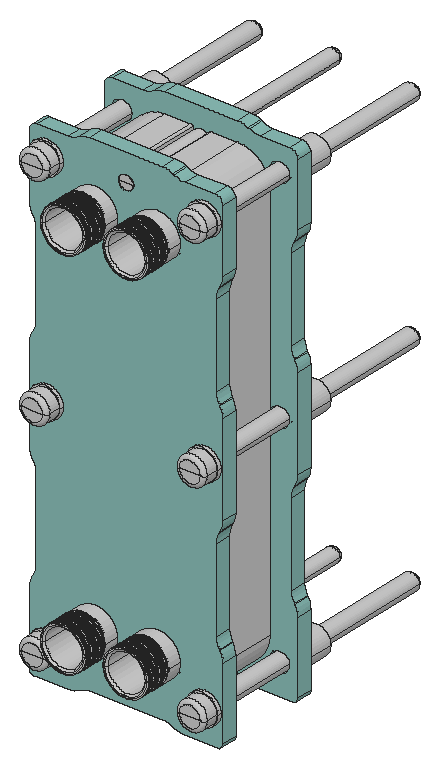
Revit family "Ekin_Endüstriyel - MIT505", category Specialty Equipment, Revit 2022
Family settings
  Round Connector Dimension = Use Diameter
  Part Type = Normal
  Work Plane-Based = No
  Always vertical = No
  Cut with Voids When Loaded = No
  Maintain Annotation Orientation = No
  Shared = No
  Room Calculation Point = No
Parameters (values of type "E12340000DD32L")
  URL = "https://en.ekinendustriyel.com/plate-heat-exchanger"
  Type Comments = "10 bar"
  Model = "E12340000DD32L"
  Material = Galvanized Steel- S235JR
  Manufacturer = "Ekin Endüstriyel"
  Keynote = "Threaded Connection"
  Description = "MIT - Heat Exchanger - 10 bar"
  Default Elevation = 0.00 mm
Reference planes
  plane 1 "Center (Front/Back)": y = 0
  plane 2: z = 0
  plane 3 "Center (Left/Right)": x = 0
  plane 4 "1": z = 318
  plane 5 "2": z = 73
  plane 6: z = 460
  plane 7: z = 417
  plane 8: x = 29.75
  plane 9: x = -29.75
Forms (mm)
  Extrusion 1, solid, material "Galvanized Steel- S235JR", detail levels medium
    sketch origin (6.25, 0, 363) x (1, 0, 0) y (0, 0, 1)
      loop
        circle (-36, 54) r 21
      loop
        circle (-36, 54) r 19
      loop
        circle (23.5, 54) r 21
      loop
        circle (23.5, 54) r 19
      loop
        circle (-36, -303) r 21
      loop
        circle (-36, -303) r 19
      loop
        circle (23.5, -303) r 21
      loop
        circle (23.5, -303) r 19
    from 0 to 34.975
  Revolve 2, solid, material "Galvanized Steel- S235JR", detail levels fine
    sketch origin (8, 0, 30) x (0, 1, 0) y (-1, 0, 0)
      loop
        line (244.7, 91) -> (132, 91) -> (132, 96.835) -> (106.5, 96.835) -> (106.5, 98.019) -> (103.1, 98.019) -> (103.1, 91) -> (0, 91) -> (0, 98) -> (-3.3, 98) -> (-3.3, 96.679) -> (-14.106, 96.679)
        arc (-14.106, 96.679) -> (-16.718, 95.597) -> (-17.8, 92.985) r 3.694
        line (-17.8, 92.985) -> (-17.8, 83) -> (246.7, 83) -> (246.7, 89.845) -> (244.7, 91)
      axis (-17.8, 83) -> (246.7, 83)
    angle from 0 to 360
  Revolve 3, solid, material "Galvanized Steel- S235JR", detail levels fine
    sketch origin (6.219, -3.038, 417) x (0, 1, 0) y (-1, 0, 0)
      loop
        line (92.338, 57.25) -> (-10.504, 57.25) -> (-11.075, 56.519) -> (-11.737, 57.307) -> (-12.353, 56.519) -> (-13.015, 57.307) -> (-13.63, 56.519) -> (-14.292, 57.307) -> (-14.907, 56.519) -> (-15.569, 57.307) -> (-16.192, 56.51) -> (-16.862, 57.307) -> (-17.477, 56.519) -> (-18.139, 57.307) -> (-18.754, 56.519) -> (-19.416, 57.307) -> (-20.039, 56.51) -> (-20.709, 57.307) -> (-21.324, 56.519) -> (-21.986, 57.307) -> (-22.602, 56.519) -> (-23.263, 57.307) -> (-23.879, 56.519) -> (-24.541, 57.307) -> (-25.156, 56.519) -> (-25.818, 57.307) -> (-26.441, 56.51) -> (-27.111, 57.307) -> (-27.726, 56.519) -> (-28.388, 57.307) -> (-29.003, 56.519) -> (-29.665, 57.307) -> (-30.281, 56.519) -> (-30.943, 57.307) -> (-31.558, 56.519) -> (-32.22, 57.307) -> (-32.835, 56.519) -> (-33.497, 57.307) -> (-34.113, 56.519) -> (-34.727, 57.25) -> (-34.978, 56.477) -> (-34.978, 55.255) -> (-33.21, 53.548) -> (16.85, 53.548) -> (16.85, 52) -> (92.338, 52) -> (92.338, 57.25)
      axis (-34.978, 36) -> (92.338, 36)
    angle from 0 to 360
  Revolve 4, solid, material "Galvanized Steel- S235JR", detail levels fine
    sketch origin (0, 0, 26.078) x (0, 1, 0) y (-1, 0, 0)
      loop
        line (0, 7) -> (0, 0) -> (250, 0) -> (250, 2)
        arc (250, 2) -> (248.536, 5.536) -> (245, 7) r 5
        line (245, 7) -> (0, 7)
      axis (0, 0) -> (250, 0)
    angle from 0 to 360
  Extrusion 5, solid, material "Galvanized Steel - S235JR", detail levels coarse
    sketch origin (0, 0, 0) x (1, 0, 0) y (0, 0, 1)
      loop
        line (-92, 477) -> (-92, 0) -> (92, 0) -> (92, 477) -> (-92, 477)
    from 0 to -15
  Extrusion 6, solid, material "Galvanized Steel - S235JR", detail levels coarse
    sketch origin (0, 0, 0) x (1, 0, 0) y (0, 0, 1)
      loop
        line (-92, 477) -> (-92, 0) -> (92, 0) -> (92, 477) -> (-92, 477)
    from -89.3 to -104.3
  Extrusion 7, solid, material "Galvanized Steel- S235JR", detail levels coarse
    sketch origin (0, 0, 0) x (1, 0, 0) y (0, 0, 1)
      loop
        line (-92, 477) -> (-92, 0) -> (92, 0) -> (92, 477) -> (-92, 477)
    from -15 to -89.3
  Extrusion 8, solid, material "Galvanized Steel- S235JR", detail levels coarse
    sketch origin (0, 0, 0) x (1, 0, 0) y (0, 0, 1)
      loop
        line (-51, 395.75) -> (51, 395.75) -> (51, 438.25) -> (-51, 438.25) -> (-51, 395.75)
      loop
        line (-51, 81.25) -> (-51, 38.75) -> (51, 38.75) -> (51, 81.25) -> (-51, 81.25)
    from 0 to 35.012
  Extrusion 9, solid, material "Galvanized Steel- S235JR", detail levels coarse
    sketch origin (0, 104.3, 0) x (-1, 0, 0) y (0, 0, 1)
      loop
        circle (75, 447) r 8
      loop
        circle (-75, 447) r 8
      loop
        circle (-75, 238.5) r 8
      loop
        circle (75, 238.5) r 8
      loop
        circle (75, 30) r 8
      loop
        circle (-75, 30) r 8
      loop
        circle (0, 451.004) r 7.945
      loop
        circle (0, 25.996) r 7.945
    from 0 to 142.5
  Extrusion 10, solid, material "Galvanized Steel - S235JR", detail levels medium
    sketch origin (0, 0, 0) x (1, 0, 0) y (0, 0, 1)
      loop
        line (-92, 477) -> (-92, 0) -> (92, 0) -> (92, 477) -> (-92, 477)
      loop
        circle (-75, 447) r 9.5
      loop
        circle (-75, 238.5) r 9.5
      loop
        circle (-75, 30) r 9.5
      loop
        circle (75, 30) r 9.5
      loop
        circle (75, 447) r 9.5
      loop
        circle (0, 451) r 7
      loop
        circle (0, 26) r 7
      loop
        circle (75, 238.5) r 9.5
    from 0 to -15
  Extrusion 11, solid, material "Galvanized Steel - S235JR", detail levels medium
    sketch origin (0, 0, 0) x (1, 0, 0) y (0, 0, 1)
      loop
        line (-92, 477) -> (-92, 0) -> (92, 0) -> (92, 477) -> (-92, 477)
      loop
        circle (-75, 447) r 9.5
      loop
        circle (-75, 238.5) r 9.5
      loop
        circle (-75, 30) r 9.5
      loop
        circle (75, 30) r 9.5
      loop
        circle (75, 447) r 9.5
      loop
        circle (0, 451) r 7
      loop
        circle (0, 26) r 7
      loop
        circle (75, 238.5) r 9.5
    from -89.3 to -104.3
  Extrusion 12, solid, material "Galvanized Steel- S235JR", detail levels medium
    sketch origin (0, 104.3, 0) x (-1, 0, 0) y (0, 0, 1)
      loop
        circle (75, 447) r 8
      loop
        circle (-75, 447) r 8
      loop
        circle (-75, 238.5) r 8
      loop
        circle (75, 238.5) r 8
      loop
        circle (75, 30) r 8
      loop
        circle (-75, 30) r 8
    from -122 to 142.5
  Extrusion 13, solid, material "Galvanized Steel- S235JR", detail levels medium
    sketch origin (0, 104.3, 0) x (-1, 0, 0) y (0, 0, 1)
      loop
        circle (0, 451) r 7
      loop
        circle (0, 26) r 7
    from -104.3 to 142.5
  Extrusion 14, solid, material "Galvanized Steel- S235JR", detail levels medium
    sketch origin (0, 104.3, 0) x (-1, 0, 0) y (0, 0, 1)
      loop
        arc (-35, 458.5) -> (-56.213, 449.713) -> (-65, 428.5) r 30
        line (-65, 428.5) -> (-65, 48.5)
        arc (-65, 48.5) -> (-56.213, 27.287) -> (-35, 18.5) r 30
        line (-35, 18.5) -> (-10, 18.5)
        arc (-10, 18.5) -> (-8.586, 19.086) -> (-8, 20.5) r 2
        line (-8, 20.5) -> (-8, 26)
        arc (-8, 26) -> (0, 34) -> (8, 26) r 8
        line (8, 26) -> (8, 20.5)
        arc (8, 20.5) -> (8.586, 19.086) -> (10, 18.5) r 2
        line (10, 18.5) -> (35, 18.5)
        arc (35, 18.5) -> (56.213, 27.287) -> (65, 48.5) r 30
        line (65, 48.5) -> (65, 428.5)
        arc (65, 428.5) -> (56.213, 449.713) -> (35, 458.5) r 30
        line (35, 458.5) -> (10, 458.5)
        arc (10, 458.5) -> (8.586, 457.914) -> (8, 456.5) r 2
        line (8, 456.5) -> (8, 451)
        arc (8, 451) -> (0, 443) -> (-8, 451) r 8
        line (-8, 451) -> (-8, 456.5)
        arc (-8, 456.5) -> (-8.586, 457.914) -> (-10, 458.5) r 2
        line (-10, 458.5) -> (-35, 458.5)
    from -89.3 to -15
  Extrusion 15, solid, material "Galvanized Steel - S235JR", detail levels fine
    sketch origin (0, 0, 0) x (1, 0, 0) y (0, 0, 1)
      loop
        line (-86, 173.891) -> (-86, 94.609)
        arc (-86, 94.609) -> (-86.681, 89.433) -> (-88.679, 84.609) r 20
        line (-88.679, 84.609) -> (-89.321, 83.499)
        arc (-89.321, 83.499) -> (-91.319, 78.675) -> (-92, 73.499) r 20
        line (-92, 73.499) -> (-92, 5)
        arc (-92, 5) -> (-90.536, 1.464) -> (-87, 0) r 5
        line (-87, 0) -> (-55.751, 0)
        arc (-55.751, 0) -> (-50.575, 0.681) -> (-45.751, 2.679) r 20
        line (-45.751, 2.679) -> (-44.641, 3.321)
        arc (-44.641, 3.321) -> (-39.817, 5.319) -> (-34.641, 6) r 20
        line (-34.641, 6) -> (34.641, 6)
        arc (34.641, 6) -> (39.817, 5.319) -> (44.641, 3.321) r 20
        line (44.641, 3.321) -> (45.751, 2.679)
        arc (45.751, 2.679) -> (50.575, 0.681) -> (55.751, 0) r 20
        line (55.751, 0) -> (87, 0)
        arc (87, 0) -> (90.536, 1.464) -> (92, 5) r 5
        line (92, 5) -> (92, 73.499)
        arc (92, 73.499) -> (91.319, 78.675) -> (89.321, 83.499) r 20
        line (89.321, 83.499) -> (88.679, 84.609)
        arc (88.679, 84.609) -> (86.681, 89.433) -> (86, 94.609) r 20
        line (86, 94.609) -> (86, 173.891)
        arc (86, 173.891) -> (86.681, 179.067) -> (88.679, 183.891) r 20
        line (88.679, 183.891) -> (89.321, 185.001)
        arc (89.321, 185.001) -> (91.319, 189.825) -> (92, 195.001) r 20
        line (92, 195.001) -> (92, 281.999)
        arc (92, 281.999) -> (91.319, 287.175) -> (89.321, 291.999) r 20
        line (89.321, 291.999) -> (88.679, 293.109)
        arc (88.679, 293.109) -> (86.681, 297.933) -> (86, 303.109) r 20
        line (86, 303.109) -> (86, 382.391)
        arc (86, 382.391) -> (86.681, 387.567) -> (88.679, 392.391) r 20
        line (88.679, 392.391) -> (89.321, 393.501)
        arc (89.321, 393.501) -> (91.319, 398.325) -> (92, 403.501) r 20
        line (92, 403.501) -> (92, 463.5)
        arc (92, 463.5) -> (89.803, 468.803) -> (84.5, 471) r 7.5
        line (84.5, 471) -> (55.751, 471)
        arc (55.751, 471) -> (50.575, 471.681) -> (45.751, 473.679) r 20
        line (45.751, 473.679) -> (44.641, 474.321)
        arc (44.641, 474.321) -> (39.817, 476.319) -> (34.641, 477) r 20
        line (34.641, 477) -> (-34.641, 477)
        arc (-34.641, 477) -> (-39.817, 476.319) -> (-44.641, 474.321) r 20
        line (-44.641, 474.321) -> (-45.751, 473.679)
        arc (-45.751, 473.679) -> (-50.575, 471.681) -> (-55.751, 471) r 20
        line (-55.751, 471) -> (-84.5, 471)
        arc (-84.5, 471) -> (-89.803, 468.803) -> (-92, 463.5) r 7.5
        line (-92, 463.5) -> (-92, 403.501)
        arc (-92, 403.501) -> (-91.319, 398.325) -> (-89.321, 393.501) r 20
        line (-89.321, 393.501) -> (-88.679, 392.391)
        arc (-88.679, 392.391) -> (-86.681, 387.567) -> (-86, 382.391) r 20
        line (-86, 382.391) -> (-86, 303.109)
        arc (-86, 303.109) -> (-86.681, 297.933) -> (-88.679, 293.109) r 20
        line (-88.679, 293.109) -> (-89.321, 291.999)
        arc (-89.321, 291.999) -> (-91.319, 287.175) -> (-92, 281.999) r 20
        line (-92, 281.999) -> (-92, 195.001)
        arc (-92, 195.001) -> (-91.319, 189.825) -> (-89.321, 185.001) r 20
        line (-89.321, 185.001) -> (-88.679, 183.891)
        arc (-88.679, 183.891) -> (-86.681, 179.067) -> (-86, 173.891) r 20
      loop
        circle (-75, 447) r 9.5
      loop
        circle (75, 447) r 9.5
      loop
        circle (75, 30) r 9.5
      loop
        circle (75, 238.5) r 9.5
      loop
        circle (-75, 238.5) r 9.5
      loop
        circle (-75, 30) r 9.5
      loop
        circle (-29.75, 60) r 21.25
      loop
        circle (29.75, 60) r 21.25
      loop
        circle (-29.75, 417) r 21.25
      loop
        circle (29.75, 417) r 21.25
      loop
        circle (0, 451) r 7
      loop
        circle (0, 26) r 7
    from 0 to -15
  Extrusion 16, solid, material "Galvanized Steel - S235JR", detail levels fine
    sketch origin (0, 0, 0) x (1, 0, 0) y (0, 0, 1)
      loop
        line (-86, 173.891) -> (-86, 94.609)
        arc (-86, 94.609) -> (-86.681, 89.433) -> (-88.679, 84.609) r 20
        line (-88.679, 84.609) -> (-89.321, 83.499)
        arc (-89.321, 83.499) -> (-91.319, 78.675) -> (-92, 73.499) r 20
        line (-92, 73.499) -> (-92, 5)
        arc (-92, 5) -> (-90.536, 1.464) -> (-87, 0) r 5
        line (-87, 0) -> (-55.751, 0)
        arc (-55.751, 0) -> (-50.575, 0.681) -> (-45.751, 2.679) r 20
        line (-45.751, 2.679) -> (-44.641, 3.321)
        arc (-44.641, 3.321) -> (-39.817, 5.319) -> (-34.641, 6) r 20
        line (-34.641, 6) -> (34.641, 6)
        arc (34.641, 6) -> (39.817, 5.319) -> (44.641, 3.321) r 20
        line (44.641, 3.321) -> (45.751, 2.679)
        arc (45.751, 2.679) -> (50.575, 0.681) -> (55.751, 0) r 20
        line (55.751, 0) -> (87, 0)
        arc (87, 0) -> (90.536, 1.464) -> (92, 5) r 5
        line (92, 5) -> (92, 73.499)
        arc (92, 73.499) -> (91.319, 78.675) -> (89.321, 83.499) r 20
        line (89.321, 83.499) -> (88.679, 84.609)
        arc (88.679, 84.609) -> (86.681, 89.433) -> (86, 94.609) r 20
        line (86, 94.609) -> (86, 173.891)
        arc (86, 173.891) -> (86.681, 179.067) -> (88.679, 183.891) r 20
        line (88.679, 183.891) -> (89.321, 185.001)
        arc (89.321, 185.001) -> (91.319, 189.825) -> (92, 195.001) r 20
        line (92, 195.001) -> (92, 281.999)
        arc (92, 281.999) -> (91.319, 287.175) -> (89.321, 291.999) r 20
        line (89.321, 291.999) -> (88.679, 293.109)
        arc (88.679, 293.109) -> (86.681, 297.933) -> (86, 303.109) r 20
        line (86, 303.109) -> (86, 382.391)
        arc (86, 382.391) -> (86.681, 387.567) -> (88.679, 392.391) r 20
        line (88.679, 392.391) -> (89.321, 393.501)
        arc (89.321, 393.501) -> (91.319, 398.325) -> (92, 403.501) r 20
        line (92, 403.501) -> (92, 463.5)
        arc (92, 463.5) -> (89.803, 468.803) -> (84.5, 471) r 7.5
        line (84.5, 471) -> (55.751, 471)
        arc (55.751, 471) -> (50.575, 471.681) -> (45.751, 473.679) r 20
        line (45.751, 473.679) -> (44.641, 474.321)
        arc (44.641, 474.321) -> (39.817, 476.319) -> (34.641, 477) r 20
        line (34.641, 477) -> (-34.641, 477)
        arc (-34.641, 477) -> (-39.817, 476.319) -> (-44.641, 474.321) r 20
        line (-44.641, 474.321) -> (-45.751, 473.679)
        arc (-45.751, 473.679) -> (-50.575, 471.681) -> (-55.751, 471) r 20
        line (-55.751, 471) -> (-84.5, 471)
        arc (-84.5, 471) -> (-89.803, 468.803) -> (-92, 463.5) r 7.5
        line (-92, 463.5) -> (-92, 403.501)
        arc (-92, 403.501) -> (-91.319, 398.325) -> (-89.321, 393.501) r 20
        line (-89.321, 393.501) -> (-88.679, 392.391)
        arc (-88.679, 392.391) -> (-86.681, 387.567) -> (-86, 382.391) r 20
        line (-86, 382.391) -> (-86, 303.109)
        arc (-86, 303.109) -> (-86.681, 297.933) -> (-88.679, 293.109) r 20
        line (-88.679, 293.109) -> (-89.321, 291.999)
        arc (-89.321, 291.999) -> (-91.319, 287.175) -> (-92, 281.999) r 20
        line (-92, 281.999) -> (-92, 195.001)
        arc (-92, 195.001) -> (-91.319, 189.825) -> (-89.321, 185.001) r 20
        line (-89.321, 185.001) -> (-88.679, 183.891)
        arc (-88.679, 183.891) -> (-86.681, 179.067) -> (-86, 173.891) r 20
      loop
        circle (-75, 447) r 9.5
      loop
        circle (75, 447) r 9.5
      loop
        circle (75, 30) r 9.5
      loop
        circle (75, 238.5) r 9.5
      loop
        circle (-75, 238.5) r 9.5
      loop
        circle (-75, 30) r 9.5
      loop
        circle (-29.75, 60) r 21.25
      loop
        circle (29.75, 60) r 21.25
      loop
        circle (-29.75, 417) r 21.25
      loop
        circle (29.75, 417) r 21.25
      loop
        circle (0, 451) r 7
      loop
        circle (0, 26) r 7
    from -89.3 to -104.3
  Extrusion 17, solid, material "Galvanized Steel- S235JR", detail levels fine
    sketch origin (0, 0, 0) x (1, 0, 0) y (0, 0, 1)
      loop
        arc (-35, 458.5) -> (-56.213, 449.713) -> (-65, 428.5) r 30
        line (-65, 428.5) -> (-65, 48.5)
        arc (-65, 48.5) -> (-56.213, 27.287) -> (-35, 18.5) r 30
        line (-35, 18.5) -> (-10, 18.5)
        arc (-10, 18.5) -> (-8.586, 19.086) -> (-8, 20.5) r 2
        line (-8, 20.5) -> (-8, 26)
        arc (-8, 26) -> (0, 34) -> (8, 26) r 8
        line (8, 26) -> (8, 20.5)
        arc (8, 20.5) -> (8.586, 19.086) -> (10, 18.5) r 2
        line (10, 18.5) -> (35, 18.5)
        arc (35, 18.5) -> (56.213, 27.287) -> (65, 48.5) r 30
        line (65, 48.5) -> (65, 428.5)
        arc (65, 428.5) -> (56.213, 449.713) -> (35, 458.5) r 30
        line (35, 458.5) -> (10, 458.5)
        arc (10, 458.5) -> (8.586, 457.914) -> (8, 456.5) r 2
        line (8, 456.5) -> (8, 451)
        arc (8, 451) -> (0, 443) -> (-8, 451) r 8
        line (-8, 451) -> (-8, 456.5)
        arc (-8, 456.5) -> (-8.586, 457.914) -> (-10, 458.5) r 2
        line (-10, 458.5) -> (-35, 458.5)
    from -15 to -89.3
  Revolve 18, solid, material "Galvanized Steel- S235JR", detail levels fine
    sketch origin (-8, 0, 30) x (0, -1, 0) y (1, 0, 0)
      loop
        line (-244.7, 91) -> (-246.7, 89.845) -> (-246.7, 83) -> (17.8, 83) -> (17.8, 92.985)
        arc (17.8, 92.985) -> (16.718, 95.597) -> (14.106, 96.679) r 3.694
        line (14.106, 96.679) -> (3.3, 96.679) -> (3.3, 98) -> (0, 98) -> (0, 91) -> (-103.1, 91) -> (-103.1, 98.019) -> (-106.5, 98.019) -> (-106.5, 96.835) -> (-132, 96.835) -> (-132, 91) -> (-244.7, 91)
      axis (17.8, 83) -> (-246.7, 83)
    angle from 0 to 360
  Revolve 19, solid, material "Galvanized Steel- S235JR", detail levels fine
    sketch origin (-8, 0, 447) x (1, 0, 0) y (0, 1, 0)
      loop
        line (91, 244.7) -> (89.845, 246.7) -> (83, 246.7) -> (83, -17.8) -> (92.985, -17.8)
        arc (92.985, -17.8) -> (95.597, -16.718) -> (96.679, -14.106) r 3.694
        line (96.679, -14.106) -> (96.679, -3.3) -> (98, -3.3) -> (98, 0) -> (91, 0) -> (91, 103.1) -> (98.019, 103.1) -> (98.019, 106.5) -> (96.835, 106.5) -> (96.835, 132) -> (91, 132) -> (91, 244.7)
      axis (83, -17.8) -> (83, 246.7)
    angle from 0 to 360
  Revolve 20, solid, material "Galvanized Steel- S235JR", detail levels fine
    sketch origin (8, 0, 238.5) x (0, 1, 0) y (-1, 0, 0)
      loop
        line (244.7, 91) -> (132, 91) -> (132, 96.835) -> (106.5, 96.835) -> (106.5, 98.019) -> (103.1, 98.019) -> (103.1, 91) -> (0, 91) -> (0, 98) -> (-3.3, 98) -> (-3.3, 96.679) -> (-14.106, 96.679)
        arc (-14.106, 96.679) -> (-16.718, 95.597) -> (-17.8, 92.985) r 3.694
        line (-17.8, 92.985) -> (-17.8, 83) -> (246.7, 83) -> (246.7, 89.845) -> (244.7, 91)
      axis (-17.8, 83) -> (246.7, 83)
    angle from 0 to 360
  Revolve 21, solid, material "Galvanized Steel- S235JR", detail levels fine
    sketch origin (-8, 0, 238.5) x (0, -1, 0) y (1, 0, 0)
      loop
        line (-244.7, 91) -> (-246.7, 89.845) -> (-246.7, 83) -> (17.8, 83) -> (17.8, 92.985)
        arc (17.8, 92.985) -> (16.718, 95.597) -> (14.106, 96.679) r 3.694
        line (14.106, 96.679) -> (3.3, 96.679) -> (3.3, 98) -> (0, 98) -> (0, 91) -> (-103.1, 91) -> (-103.1, 98.019) -> (-106.5, 98.019) -> (-106.5, 96.835) -> (-132, 96.835) -> (-132, 91) -> (-244.7, 91)
      axis (17.8, 83) -> (-246.7, 83)
    angle from 0 to 360
  Revolve 22, solid, material "Galvanized Steel- S235JR", detail levels fine
    sketch origin (-6.219, -3.038, 417) x (0, -1, 0) y (1, 0, 0)
      loop
        line (-92.338, 57.25) -> (-92.338, 52) -> (-16.85, 52) -> (-16.85, 53.548) -> (33.21, 53.548) -> (34.978, 55.255) -> (34.978, 56.477) -> (34.727, 57.25) -> (34.113, 56.519) -> (33.497, 57.307) -> (32.835, 56.519) -> (32.22, 57.307) -> (31.558, 56.519) -> (30.943, 57.307) -> (30.281, 56.519) -> (29.665, 57.307) -> (29.003, 56.519) -> (28.388, 57.307) -> (27.726, 56.519) -> (27.111, 57.307) -> (26.441, 56.51) -> (25.818, 57.307) -> (25.156, 56.519) -> (24.541, 57.307) -> (23.879, 56.519) -> (23.263, 57.307) -> (22.602, 56.519) -> (21.986, 57.307) -> (21.324, 56.519) -> (20.709, 57.307) -> (20.039, 56.51) -> (19.416, 57.307) -> (18.754, 56.519) -> (18.139, 57.307) -> (17.477, 56.519) -> (16.862, 57.307) -> (16.192, 56.51) -> (15.569, 57.307) -> (14.907, 56.519) -> (14.292, 57.307) -> (13.63, 56.519) -> (13.015, 57.307) -> (12.353, 56.519) -> (11.737, 57.307) -> (11.075, 56.519) -> (10.504, 57.25) -> (-92.338, 57.25)
      axis (34.978, 36) -> (-92.338, 36)
    angle from 0 to 360
  Revolve 23, solid, material "Galvanized Steel- S235JR", detail levels fine
    sketch origin (6.219, -3.038, 60) x (-1, 0, 0) y (0, -1, 0)
      loop
        line (57.25, -92.338) -> (57.25, 10.504) -> (56.519, 11.075) -> (57.307, 11.737) -> (56.519, 12.353) -> (57.307, 13.015) -> (56.519, 13.63) -> (57.307, 14.292) -> (56.519, 14.907) -> (57.307, 15.569) -> (56.51, 16.192) -> (57.307, 16.862) -> (56.519, 17.477) -> (57.307, 18.139) -> (56.519, 18.754) -> (57.307, 19.416) -> (56.51, 20.039) -> (57.307, 20.709) -> (56.519, 21.324) -> (57.307, 21.986) -> (56.519, 22.602) -> (57.307, 23.263) -> (56.519, 23.879) -> (57.307, 24.541) -> (56.519, 25.156) -> (57.307, 25.818) -> (56.51, 26.441) -> (57.307, 27.111) -> (56.519, 27.726) -> (57.307, 28.388) -> (56.519, 29.003) -> (57.307, 29.665) -> (56.519, 30.281) -> (57.307, 30.943) -> (56.519, 31.558) -> (57.307, 32.22) -> (56.519, 32.835) -> (57.307, 33.497) -> (56.519, 34.113) -> (57.25, 34.727) -> (56.477, 34.978) -> (55.255, 34.978) -> (53.548, 33.21) -> (53.548, -16.85) -> (52, -16.85) -> (52, -92.338) -> (57.25, -92.338)
      axis (36, 34.978) -> (36, -92.338)
    angle from 0 to 360
  Revolve 24, solid, material "Galvanized Steel- S235JR", detail levels fine
    sketch origin (-6.219, -3.038, 60) x (1, 0, 0) y (0, 1, 0)
      loop
        line (57.25, 92.338) -> (52, 92.338) -> (52, 16.85) -> (53.548, 16.85) -> (53.548, -33.21) -> (55.255, -34.978) -> (56.477, -34.978) -> (57.25, -34.727) -> (56.519, -34.113) -> (57.307, -33.497) -> (56.519, -32.835) -> (57.307, -32.22) -> (56.519, -31.558) -> (57.307, -30.943) -> (56.519, -30.281) -> (57.307, -29.665) -> (56.519, -29.003) -> (57.307, -28.388) -> (56.519, -27.726) -> (57.307, -27.111) -> (56.51, -26.441) -> (57.307, -25.818) -> (56.519, -25.156) -> (57.307, -24.541) -> (56.519, -23.879) -> (57.307, -23.263) -> (56.519, -22.602) -> (57.307, -21.986) -> (56.519, -21.324) -> (57.307, -20.709) -> (56.51, -20.039) -> (57.307, -19.416) -> (56.519, -18.754) -> (57.307, -18.139) -> (56.519, -17.477) -> (57.307, -16.862) -> (56.51, -16.192) -> (57.307, -15.569) -> (56.519, -14.907) -> (57.307, -14.292) -> (56.519, -13.63) -> (57.307, -13.015) -> (56.519, -12.353) -> (57.307, -11.737) -> (56.519, -11.075) -> (57.25, -10.504) -> (57.25, 92.338)
      axis (36, -34.978) -> (36, 92.338)
    angle from 0 to 360
  Revolve 25, solid, material "Galvanized Steel- S235JR", detail levels fine
    sketch origin (8, 0, 447) x (-1, 0, 0) y (0, -1, 0)
      loop
        line (91, -244.7) -> (91, -132) -> (96.835, -132) -> (96.835, -106.5) -> (98.019, -106.5) -> (98.019, -103.1) -> (91, -103.1) -> (91, 0) -> (98, 0) -> (98, 3.3) -> (96.679, 3.3) -> (96.679, 14.106)
        arc (96.679, 14.106) -> (95.597, 16.718) -> (92.985, 17.8) r 3.694
        line (92.985, 17.8) -> (83, 17.8) -> (83, -246.7) -> (89.845, -246.7) -> (91, -244.7)
      axis (83, 17.8) -> (83, -246.7)
    angle from 0 to 360
  Revolve 26, solid, material "Galvanized Steel- S235JR", detail levels fine
    sketch origin (0, 0, 450.922) x (-1, 0, 0) y (0, -1, 0)
      loop
        line (7, 0) -> (0, 0) -> (0, -250) -> (2, -250)
        arc (2, -250) -> (5.536, -248.536) -> (7, -245) r 5
        line (7, -245) -> (7, 0)
      axis (0, 0) -> (0, -250)
    angle from 0 to 360
Dimensions and locks
  aligned and locked: level to plane 2
Connectors
  piping at (-29.75, -34.975, 60), diameter 31.75
    settings: on Extrusion 1, index 1, connector inside diameter 609.6 mm, connector length 0.00 mm, flow factor 0, pipe flow 0.0 L/s, pressure drop 0.0 Pa, fitting loss kfactor 0, connector angle 0.00°, fixture units 0, engagement length 0.00 mm, angle of deflection 0.00°, flow configuration 0, flow direction 2, fitting loss method 0, system type 7, joint type 0, gender type 0, connector reference index -1, connector utility 0, adjustable connector no, is connector primary yes, connector description ""
  piping at (29.75, -34.975, 60), diameter 31.75
    settings: on Extrusion 1, index 2, connector inside diameter 609.6 mm, connector length 0.00 mm, flow factor 0, pipe flow 0.0 L/s, pressure drop 0.0 Pa, fitting loss kfactor 0, connector angle 0.00°, fixture units 0, engagement length 0.00 mm, angle of deflection 0.00°, flow configuration 0, flow direction 1, fitting loss method 0, system type 7, joint type 0, gender type 0, connector reference index -1, connector utility 0, adjustable connector no, is connector primary no, connector description ""
  piping at (-29.75, -34.975, 417), diameter 31.75
    settings: on Extrusion 1, index 3, connector inside diameter 609.6 mm, connector length 0.00 mm, flow factor 0, pipe flow 0.0 L/s, pressure drop 0.0 Pa, fitting loss kfactor 0, connector angle 0.00°, fixture units 0, engagement length 0.00 mm, angle of deflection 0.00°, flow configuration 0, flow direction 1, fitting loss method 0, system type 7, joint type 0, gender type 0, connector reference index -1, connector utility 0, adjustable connector no, is connector primary no, connector description ""
  piping at (29.75, -34.975, 417), diameter 31.75
    settings: on Extrusion 1, index 4, connector inside diameter 609.6 mm, connector length 0.00 mm, flow factor 0, pipe flow 0.0 L/s, pressure drop 0.0 Pa, fitting loss kfactor 0, connector angle 0.00°, fixture units 0, engagement length 0.00 mm, angle of deflection 0.00°, flow configuration 0, flow direction 2, fitting loss method 0, system type 7, joint type 0, gender type 0, connector reference index -1, connector utility 0, adjustable connector no, is connector primary no, connector description ""
